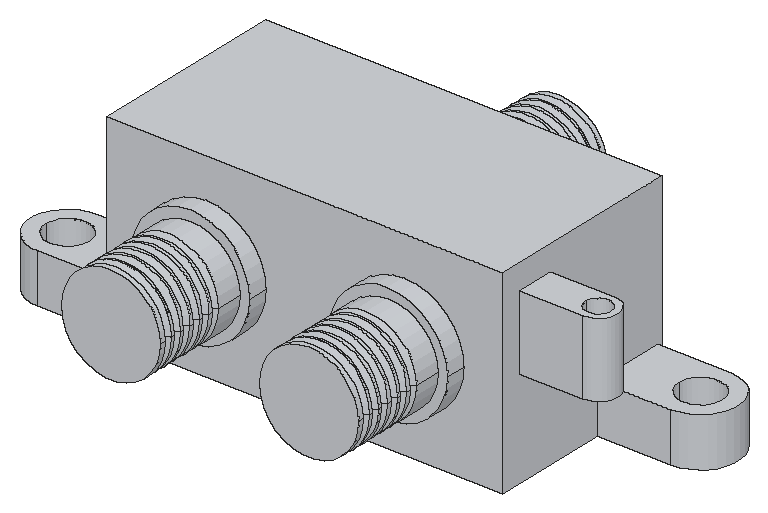
Revit family "Repetidor 204 ", category Aparatos eléctricos, Revit 2019 (continued)
Lines and regions (mm)
  model lines, detail levels fine
    curve 418: line (-48.737, 2.049, 0) -> (-48.162, 2.049, 0)
    curve 419: arc (-48.162, 2.049, 0) -> (-47.777, 1.684, 0) -> (-48.141, 1.299, 0) r 0.375
    curve 420: line (-48.141, 1.299, 0) -> (-48.608, 1.299, 0)
    curve 421: arc (-48.608, 1.299, 0) -> (-48.727, 1.18, 0) -> (-48.608, 1.061, 0) r 0.119
    curve 422: line (-48.608, 1.061, 0) -> (-47.843, 1.061, 0)
    curve 423: line (-46.521, 0.786, 0) -> (-47.284, 0.786, 0)
    curve 424: arc (-47.284, 0.786, 0) -> (-47.554, 0.866, 0) -> (-47.652, 1.129, 0) r 0.316
    curve 425: line (-47.652, 1.129, 0) -> (-47.652, 2.365, 0)
    curve 426: line (-47.652, 2.365, 0) -> (-47.371, 2.365, 0)
    curve 427: line (-47.371, 2.365, 0) -> (-47.371, 1.253, 0)
    curve 428: spline (-48.053, 1.638, 0) -> (-48.065, 1.678, 0) -> (-48.099, 1.715, 0) -> (-48.154, 1.746, 0) -> (-48.226, 1.771, 0) -> (-48.309, 1.786, 0) -> (-48.398, 1.791, 0) -> (-48.488, 1.786, 0) -> (-48.571, 1.771, 0) -> (-48.642, 1.746, 0) -> (-48.697, 1.715, 0) -> (-48.732, 1.678, 0) -> (-48.744, 1.638, 0) -> (-48.732, 1.599, 0) -> (-48.697, 1.562, 0) -> (-48.642, 1.53, 0) -> (-48.571, 1.506, 0) -> (-48.488, 1.49, 0) -> (-48.398, 1.485, 0) -> (-48.309, 1.49, 0) -> (-48.226, 1.506, 0) -> (-48.154, 1.53, 0) -> (-48.099, 1.562, 0) -> (-48.065, 1.599, 0) -> (-48.053, 1.638, 0)
    curve 429: line (-47.843, 1.061, 0) -> (-47.843, 0.786, 0)
    curve 430: line (-46.521, 1.089, 0) -> (-47.202, 1.089, 0)
    curve 431: arc (-47.202, 1.089, 0) -> (-47.32, 1.137, 0) -> (-47.371, 1.253, 0) r 0.17
    curve 432: line (-46.521, 0.786, 0) -> (-46.521, 1.089, 0)
    curve 467: circle (-1.109, -7.819, 0) r 0.8 normal (0, 0, 1)
    curve 468: line (1.065, -7.197, 0) -> (1.065, -7.931, 0)
    curve 469: arc (1.065, -7.931, 0) -> (0.404, -8.576, 0) -> (-0.224, -7.899, 0) r 0.645
    curve 470: line (-0.224, -7.899, 0) -> (-0.224, -7.177, 0)
    curve 476: line (1.502, -11.037, 0) -> (1.502, -9.488, 0)
    curve 477: line (1.502, -9.488, 0) -> (-1.536, -9.488, 0)
    curve 478: line (-1.536, -9.488, 0) -> (-1.536, -11.027, 0)
    curve 479: line (-1.848, -11.027, 0) -> (-1.848, -9.209, 0)
    curve 480: line (-1.848, -9.209, 0) -> (1.813, -9.209, 0)
    curve 481: line (1.813, -9.209, 0) -> (1.813, -11.027, 0)
    curve 482: line (-0.006, -7.905, 0) -> (-0.006, -7.177, 0)
    curve 483: line (0.848, -7.197, 0) -> (0.848, -7.931, 0)
    curve 484: arc (0.848, -7.931, 0) -> (0.407, -8.359, 0) -> (-0.006, -7.905, 0) r 0.427
    curve 485: arc (1.065, -7.197, 0) -> (0.956, -7.088, 0) -> (0.848, -7.197, 0) r 0.109
    curve 486: arc (-0.224, -7.177, 0) -> (-0.115, -7.068, 0) -> (-0.006, -7.177, 0) r 0.109
    curve 487: circle (-1.109, -7.819, 0) r 0.583 normal (0, 0, 1)
    curve 491: arc (1.813, -11.027, 0) -> (1.662, -11.193, 0) -> (1.502, -11.037, 0) r 0.156
    curve 492: arc (-1.536, -11.027, 0) -> (-1.692, -11.184, 0) -> (-1.848, -11.027, 0) r 0.156
    curve 493: line (0.128, -9.706, 0) -> (0.128, -10.87, 0)
    curve 494: line (-0.6, -10.87, 0) -> (-0.006, -11.464, 0)
    curve 495: line (-0.006, -11.464, 0) -> (0.588, -10.869, 0)
    curve 496: line (-0.6, -10.87, 0) -> (0.128, -10.87, 0)
    curve 497: line (-0.006, -11.617, 0) -> (0.665, -10.946, 0)
    curve 498: line (-0.862, -10.761, 0) -> (-0.006, -11.617, 0)
    curve 499: line (-0.862, -10.761, 0) -> (0.015, -10.761, 0)
    curve 500: line (0.015, -9.706, 0) -> (0.015, -10.761, 0)
    curve 501: arc (0.128, -9.706, 0) -> (0.071, -9.65, 0) -> (0.015, -9.706, 0) r 0.056
    curve 502: arc (0.588, -10.869, 0) -> (0.665, -10.869, 0) -> (0.665, -10.946, 0) r 0.054
    curve 516: line (-13.18, 1.905, 0) -> (-14.448, 1.905, 0)
    curve 517: arc (-14.448, 1.905, 0) -> (-14.743, 2.2, 0) -> (-14.448, 2.495, 0) r 0.295
    curve 518: line (-14.448, 2.495, 0) -> (-13.18, 2.495, 0)
    curve 519: arc (-13.18, 2.495, 0) -> (-12.916, 2.759, 0) -> (-13.18, 3.022, 0) r 0.263
    curve 520: line (-13.18, 3.022, 0) -> (-14.532, 3.022, 0)
    curve 521: arc (-14.532, 3.022, 0) -> (-15.278, 2.424, 0) -> (-14.68, 1.677, 0) r 0.677
    curve 522: arc (-14.68, 1.677, 0) -> (-15.296, 0.902, 0) -> (-14.52, 0.286, 0) r 0.7
    curve 523: line (-14.52, 0.286, 0) -> (-13.18, 0.286, 0)
    curve 524: arc (-13.18, 0.286, 0) -> (-12.913, 0.552, 0) -> (-13.18, 0.818, 0) r 0.266
    curve 525: line (-13.18, 0.818, 0) -> (-14.448, 0.818, 0)
    curve 526: arc (-14.448, 0.818, 0) -> (-14.752, 1.122, 0) -> (-14.448, 1.426, 0) r 0.304
    curve 527: line (-14.448, 1.426, 0) -> (-13.18, 1.426, 0)
    curve 528: arc (-13.18, 1.426, 0) -> (-12.94, 1.665, 0) -> (-13.18, 1.905, 0) r 0.239
    curve 529: line (-16.12, 0.286, 0) -> (-16.874, 0.286, 0)
    curve 530: line (-16.874, 0.286, 0) -> (-17.485, 1.277, 0)
    curve 531: line (-17.485, 1.277, 0) -> (-18.251, 1.271, 0)
    curve 532: line (-18.251, 1.271, 0) -> (-18.251, 0.286, 0)
    curve 533: line (-18.251, 0.286, 0) -> (-18.782, 0.286, 0)
    curve 534: line (-18.782, 0.286, 0) -> (-18.782, 1.811, 0)
    curve 535: line (-18.782, 1.811, 0) -> (-17.186, 1.811, 0)
    curve 536: arc (-17.186, 1.811, 0) -> (-16.858, 2.14, 0) -> (-17.186, 2.468, 0) r 0.329
    curve 537: line (-17.186, 2.468, 0) -> (-18.782, 2.468, 0)
    curve 538: line (-18.782, 2.468, 0) -> (-18.782, 3.022, 0)
    curve 539: line (-18.782, 3.022, 0) -> (-17.12, 3.022, 0)
    curve 540: arc (-17.12, 3.022, 0) -> (-16.267, 2.251, 0) -> (-16.947, 1.325, 0) r 0.857
    curve 541: line (-16.947, 1.325, 0) -> (-16.12, 0.286, 0)
    curve 542: line (-11.817, 1.334, 0) -> (-11.817, 0.286, 0)
    curve 543: line (-11.817, 0.286, 0) -> (-12.406, 0.286, 0)
    curve 544: line (-12.406, 0.286, 0) -> (-12.406, 1.454, 0)
    curve 545: arc (-12.406, 1.454, 0) -> (-12.284, 1.745, 0) -> (-11.99, 1.862, 0) r 0.408
    curve 546: line (-11.99, 1.862, 0) -> (-10.741, 1.862, 0)
    curve 547: arc (-10.741, 1.862, 0) -> (-10.442, 2.161, 0) -> (-10.741, 2.46, 0) r 0.299
    curve 548: line (-10.741, 2.46, 0) -> (-12.406, 2.453, 0)
    curve 549: line (-12.406, 2.453, 0) -> (-12.406, 3.022, 0)
    curve 550: line (-12.406, 3.022, 0) -> (-10.795, 3.022, 0)
    curve 551: arc (-10.795, 3.022, 0) -> (-9.951, 2.178, 0) -> (-10.795, 1.334, 0) r 0.844
    curve 552: line (-10.795, 1.334, 0) -> (-11.817, 1.334, 0)
    curve 553: line (-13.18, 1.905, 20) -> (-14.448, 1.905, 20)
    curve 554: arc (-14.448, 1.905, 20) -> (-14.743, 2.2, 20) -> (-14.448, 2.495, 20) r 0.295
    curve 555: line (-14.448, 2.495, 20) -> (-13.18, 2.495, 20)
    curve 556: arc (-13.18, 2.495, 20) -> (-12.916, 2.759, 20) -> (-13.18, 3.022, 20) r 0.263
    curve 557: line (-13.18, 3.022, 20) -> (-14.532, 3.022, 20)
    curve 558: arc (-14.532, 3.022, 20) -> (-15.278, 2.424, 20) -> (-14.68, 1.677, 20) r 0.677
    curve 559: arc (-14.68, 1.677, 20) -> (-15.296, 0.902, 20) -> (-14.52, 0.286, 20) r 0.7
    curve 560: line (-14.52, 0.286, 20) -> (-13.18, 0.286, 20)
    curve 561: arc (-13.18, 0.286, 20) -> (-12.913, 0.552, 20) -> (-13.18, 0.818, 20) r 0.266
    curve 562: line (-13.18, 0.818, 20) -> (-14.448, 0.818, 20)
    curve 563: arc (-14.448, 0.818, 20) -> (-14.752, 1.122, 20) -> (-14.448, 1.426, 20) r 0.304
    curve 564: line (-14.448, 1.426, 20) -> (-13.18, 1.426, 20)
    curve 565: arc (-13.18, 1.426, 20) -> (-12.94, 1.665, 20) -> (-13.18, 1.905, 20) r 0.239
    curve 566: line (-16.12, 0.286, 20) -> (-16.874, 0.286, 20)
    curve 567: line (-16.874, 0.286, 20) -> (-17.485, 1.277, 20)
    curve 568: line (-17.485, 1.277, 20) -> (-18.251, 1.271, 20)
    curve 569: line (-18.251, 1.271, 20) -> (-18.251, 0.286, 20)
    curve 570: line (-18.251, 0.286, 20) -> (-18.782, 0.286, 20)
    curve 571: line (-18.782, 0.286, 20) -> (-18.782, 1.811, 20)
    curve 572: line (-18.782, 1.811, 20) -> (-17.186, 1.811, 20)
    curve 573: arc (-17.186, 1.811, 20) -> (-16.858, 2.14, 20) -> (-17.186, 2.468, 20) r 0.329
    curve 574: line (-17.186, 2.468, 20) -> (-18.782, 2.468, 20)
    curve 575: line (-18.782, 2.468, 20) -> (-18.782, 3.022, 20)
    curve 576: line (-18.782, 3.022, 20) -> (-17.12, 3.022, 20)
    curve 577: arc (-17.12, 3.022, 20) -> (-16.267, 2.251, 20) -> (-16.947, 1.325, 20) r 0.857
    curve 578: line (-16.947, 1.325, 20) -> (-16.12, 0.286, 20)
    curve 579: line (-11.817, 1.334, 20) -> (-11.817, 0.286, 20)
    curve 580: line (-11.817, 0.286, 20) -> (-12.406, 0.286, 20)
    curve 581: line (-12.406, 0.286, 20) -> (-12.406, 1.454, 20)
    curve 582: arc (-12.406, 1.454, 20) -> (-12.284, 1.745, 20) -> (-11.99, 1.862, 20) r 0.408
    curve 583: line (-11.99, 1.862, 20) -> (-10.741, 1.862, 20)
    curve 584: arc (-10.741, 1.862, 20) -> (-10.442, 2.161, 20) -> (-10.741, 2.46, 20) r 0.299
    curve 585: line (-10.741, 2.46, 20) -> (-12.406, 2.453, 20)
    curve 586: line (-12.406, 2.453, 20) -> (-12.406, 3.022, 20)
    curve 587: line (-12.406, 3.022, 20) -> (-10.795, 3.022, 20)
    curve 588: arc (-10.795, 3.022, 20) -> (-9.951, 2.178, 20) -> (-10.795, 1.334, 20) r 0.844
    curve 589: line (-10.795, 1.334, 20) -> (-11.817, 1.334, 20)
    curve 590: line (2.724, 0.973, 0) -> (1.756, 0.973, 0)
    curve 591: arc (1.756, 0.973, 0) -> (1.374, 1.173, 0) -> (1.321, 1.601, 0) r 0.465
    curve 592: line (1.321, 1.601, 0) -> (2.234, 2.826, 0)
    curve 593: arc (2.234, 2.826, 0) -> (2.809, 3.004, 0) -> (3.187, 2.536, 0) r 0.536
    curve 594: line (3.187, 2.536, 0) -> (3.196, 0.523, 0)
    curve 595: arc (3.196, 0.523, 0) -> (2.96, 0.286, 0) -> (2.724, 0.523, 0) r 0.236
    curve 596: line (1.808, 1.42, 0) -> (2.653, 1.42, 0)
    curve 597: line (2.653, 1.42, 0) -> (2.653, 2.425, 0)
    curve 598: line (2.653, 2.425, 0) -> (1.808, 1.42, 0)
    curve 599: spline (-0.256, 1.008, 0) -> (-0.102, 1.03, 0) -> (0.042, 1.095, 0) -> (0.166, 1.197, 0) -> (0.261, 1.331, 0) -> (0.32, 1.486, 0) -> (0.341, 1.653, 0) -> (0.32, 1.82, 0) -> (0.261, 1.976, 0) -> (0.166, 2.11, 0) -> (0.042, 2.212, 0) -> (-0.102, 2.277, 0) -> (-0.256, 2.299, 0) -> (-0.411, 2.277, 0) -> (-0.555, 2.212, 0) -> (-0.678, 2.11, 0) -> (-0.773, 1.976, 0) -> (-0.833, 1.82, 0) -> (-0.853, 1.653, 0) -> (-0.833, 1.486, 0) -> (-0.773, 1.331, 0) -> (-0.678, 1.197, 0) -> (-0.555, 1.095, 0) -> (-0.411, 1.03, 0) -> (-0.256, 1.008, 0)
    curve 600: spline (-0.266, 0.286, 0) -> (0.051, 0.33, 0) -> (0.348, 0.465, 0) -> (0.603, 0.68, 0) -> (0.799, 0.962, 0) -> (0.924, 1.291, 0) -> (0.968, 1.645, 0) -> (0.929, 1.999, 0) -> (0.809, 2.33, 0) -> (0.616, 2.614, 0) -> (0.364, 2.833, 0) -> (0.07, 2.972, 0) -> (-0.247, 3.021, 0) -> (-0.564, 2.976, 0) -> (-0.86, 2.842, 0) -> (-1.115, 2.626, 0) -> (-1.312, 2.345, 0) -> (-1.436, 2.016, 0) -> (-1.481, 1.662, 0) -> (-1.441, 1.308, 0) -> (-1.321, 0.977, 0) -> (-1.129, 0.693, 0) -> (-0.877, 0.473, 0) -> (-0.582, 0.335, 0) -> (-0.266, 0.286, 0)
    curve 601: line (2.724, 0.523, 0) -> (2.724, 0.973, 0)
    curve 602: line (-1.498, 0.973, 20) -> (-2.466, 0.973, 20)
    curve 603: arc (-2.466, 0.973, 20) -> (-2.848, 1.173, 20) -> (-2.9, 1.601, 20) r 0.465
    curve 604: line (-2.9, 1.601, 20) -> (-1.987, 2.826, 20)
    curve 605: arc (-1.987, 2.826, 20) -> (-1.413, 3.004, 20) -> (-1.035, 2.536, 20) r 0.536
    curve 606: line (-1.035, 2.536, 20) -> (-1.026, 0.523, 20)
    curve 607: arc (-1.026, 0.523, 20) -> (-1.262, 0.286, 20) -> (-1.498, 0.523, 20) r 0.236
    curve 608: line (-2.414, 1.42, 20) -> (-1.569, 1.42, 20)
    curve 609: line (-1.569, 1.42, 20) -> (-1.569, 2.425, 20)
    curve 610: line (-1.569, 2.425, 20) -> (-2.414, 1.42, 20)
    curve 611: spline (-4.478, 1.008, 20) -> (-4.323, 1.03, 20) -> (-4.179, 1.095, 20) -> (-4.056, 1.197, 20) -> (-3.961, 1.331, 20) -> (-3.901, 1.486, 20) -> (-3.881, 1.653, 20) -> (-3.901, 1.82, 20) -> (-3.961, 1.976, 20) -> (-4.056, 2.11, 20) -> (-4.179, 2.212, 20) -> (-4.323, 2.277, 20) -> (-4.478, 2.299, 20) -> (-4.632, 2.277, 20) -> (-4.776, 2.212, 20) -> (-4.9, 2.11, 20) -> (-4.995, 1.976, 20) -> (-5.054, 1.82, 20) -> (-5.075, 1.653, 20) -> (-5.054, 1.486, 20) -> (-4.995, 1.331, 20) -> (-4.9, 1.197, 20) -> (-4.776, 1.095, 20) -> (-4.632, 1.03, 20) -> (-4.478, 1.008, 20)
    curve 612: spline (-4.487, 0.286, 20) -> (-4.17, 0.33, 20) -> (-3.874, 0.465, 20) -> (-3.619, 0.68, 20) -> (-3.422, 0.962, 20) -> (-3.298, 1.291, 20) -> (-3.253, 1.645, 20) -> (-3.293, 1.999, 20) -> (-3.413, 2.33, 20) -> (-3.605, 2.614, 20) -> (-3.857, 2.833, 20) -> (-4.152, 2.972, 20) -> (-4.468, 3.021, 20) -> (-4.785, 2.976, 20) -> (-5.082, 2.842, 20) -> (-5.337, 2.626, 20) -> (-5.533, 2.345, 20) -> (-5.658, 2.016, 20) -> (-5.702, 1.662, 20) -> (-5.663, 1.308, 20) -> (-5.543, 0.977, 20) -> (-5.35, 0.693, 20) -> (-5.098, 0.473, 20) -> (-4.804, 0.335, 20) -> (-4.487, 0.286, 20)
    curve 613: line (-1.498, 0.523, 20) -> (-1.498, 0.973, 20)
    curve 751: circle (9.551, -5.38, 20) r 0.8 normal (0, 0, 1)
    curve 752: line (11.726, -4.758, 20) -> (11.726, -5.492, 20)
    curve 753: arc (11.726, -5.492, 20) -> (11.065, -6.137, 20) -> (10.437, -5.461, 20) r 0.645
    curve 754: line (10.437, -5.461, 20) -> (10.437, -4.738, 20)
    curve 760: line (12.162, -8.598, 20) -> (12.162, -7.049, 20)
    curve 761: line (12.162, -7.049, 20) -> (9.125, -7.049, 20)
    curve 762: line (9.125, -7.049, 20) -> (9.125, -8.589, 20)
    curve 763: line (8.812, -8.589, 20) -> (8.812, -6.77, 20)
    curve 764: line (8.812, -6.77, 20) -> (12.473, -6.77, 20)
    curve 765: line (12.473, -6.77, 20) -> (12.473, -8.589, 20)
    curve 766: line (10.654, -5.466, 20) -> (10.654, -4.738, 20)
    curve 767: line (11.508, -4.758, 20) -> (11.508, -5.492, 20)
    curve 768: arc (11.508, -5.492, 20) -> (11.068, -5.92, 20) -> (10.654, -5.466, 20) r 0.427
    curve 769: arc (11.726, -4.758, 20) -> (11.617, -4.649, 20) -> (11.508, -4.758, 20) r 0.109
    curve 770: arc (10.437, -4.738, 20) -> (10.546, -4.629, 20) -> (10.654, -4.738, 20) r 0.109
    curve 771: circle (9.551, -5.38, 20) r 0.583 normal (0, 0, 1)
    curve 775: arc (12.473, -8.589, 20) -> (12.323, -8.754, 20) -> (12.162, -8.598, 20) r 0.156
    curve 776: arc (9.125, -8.589, 20) -> (8.968, -8.745, 20) -> (8.812, -8.589, 20) r 0.156
    curve 777: line (10.788, -7.267, 20) -> (10.788, -8.431, 20)
    curve 778: line (10.06, -8.431, 20) -> (10.654, -9.025, 20)
    curve 779: line (10.654, -9.025, 20) -> (11.248, -8.43, 20)
    curve 780: line (10.06, -8.431, 20) -> (10.788, -8.431, 20)
    curve 781: line (10.654, -9.178, 20) -> (11.325, -8.507, 20)
    curve 782: line (9.798, -8.322, 20) -> (10.654, -9.178, 20)
    curve 783: line (9.798, -8.322, 20) -> (10.675, -8.322, 20)
    curve 784: line (10.675, -7.267, 20) -> (10.675, -8.322, 20)
    curve 785: arc (10.788, -7.267, 20) -> (10.732, -7.211, 20) -> (10.675, -7.267, 20) r 0.056
    curve 786: arc (11.248, -8.43, 20) -> (11.325, -8.43, 20) -> (11.325, -8.507, 20) r 0.054
  model lines, detail levels medium+fine
    curve 46: line (-0.405, 5.717, 20) -> (0.017, 4.747, 20)
    curve 47: arc (0.017, 4.747, 20) -> (0.414, 4.554, 20) -> (0.668, 4.914, 20) r 0.34
    curve 48: line (0.668, 4.914, 20) -> (0.696, 5.975, 20)
    curve 49: arc (0.696, 5.975, 20) -> (0.537, 6.135, 20) -> (0.385, 5.968, 20) r 0.156
    curve 50: line (0.385, 5.968, 20) -> (0.385, 5.083, 20)
    curve 51: line (-1.095, 6.08, 20) -> (-1.095, 4.66, 20)
    curve 52: line (0.204, 5.083, 20) -> (-0.193, 5.938, 20)
    curve 53: arc (-0.193, 5.938, 20) -> (-0.537, 6.147, 20) -> (-0.861, 5.909, 20) r 0.362
    curve 54: line (-0.861, 5.909, 20) -> (-0.861, 4.66, 20)
    curve 55: line (-1.898, 8.235, 20) -> (-1.898, 6.667, 20)
    curve 56: line (-1.898, 6.667, 20) -> (1.211, 6.667, 20)
    curve 57: line (1.211, 6.667, 20) -> (1.211, 8.226, 20)
    curve 58: line (-0.238, 8.861, 20) -> (-0.238, 7.959, 20)
    curve 59: line (-0.973, 7.959, 20) -> (-0.372, 7.358, 20)
    curve 60: line (-0.372, 7.358, 20) -> (0.23, 7.96, 20)
    curve 61: line (-0.564, 5.712, 20) -> (-0.564, 4.66, 20)
    curve 62: arc (-0.861, 4.66, 20) -> (-0.713, 4.512, 20) -> (-0.564, 4.66, 20) r 0.148
    curve 63: arc (-0.405, 5.717, 20) -> (-0.487, 5.792, 20) -> (-0.564, 5.712, 20) r 0.08
    curve 64: arc (0.385, 5.083, 20) -> (0.295, 5.025, 20) -> (0.204, 5.083, 20) r 0.099
    curve 65: line (-1.392, 6.08, 20) -> (-1.392, 4.66, 20)
    curve 66: line (-2.118, 8.235, 20) -> (-2.118, 6.448, 20)
    curve 67: line (-2.118, 6.448, 20) -> (1.43, 6.448, 20)
    curve 68: line (1.43, 6.448, 20) -> (1.43, 8.226, 20)
    curve 69: arc (-1.898, 8.235, 20) -> (-2.008, 8.345, 20) -> (-2.118, 8.235, 20) r 0.11
    curve 70: arc (1.211, 8.226, 20) -> (1.32, 8.336, 20) -> (1.43, 8.226, 20) r 0.11
    curve 71: line (-0.973, 7.959, 20) -> (-0.238, 7.959, 20)
    curve 72: line (-0.372, 7.203, 20) -> (0.308, 7.882, 20)
    curve 73: line (-1.239, 8.069, 20) -> (-0.372, 7.203, 20)
    curve 74: line (-1.239, 8.069, 20) -> (-0.348, 8.069, 20)
    curve 75: line (-0.348, 8.861, 20) -> (-0.348, 8.069, 20)
    curve 76: arc (-0.238, 8.861, 20) -> (-0.293, 8.916, 20) -> (-0.348, 8.861, 20) r 0.055
    curve 77: arc (0.23, 7.96, 20) -> (0.308, 7.96, 20) -> (0.308, 7.882, 20) r 0.055
    curve 78: arc (-1.392, 4.66, 20) -> (-1.244, 4.512, 20) -> (-1.095, 4.66, 20) r 0.148
    curve 79: arc (-1.095, 6.08, 20) -> (-1.244, 6.228, 20) -> (-1.392, 6.08, 20) r 0.148
    curve 433: line (-0.405, 7.071, 0) -> (0.017, 6.1, 0)
    curve 434: arc (0.017, 6.1, 0) -> (0.414, 5.907, 0) -> (0.668, 6.267, 0) r 0.34
    curve 435: line (0.668, 6.267, 0) -> (0.696, 7.328, 0)
    curve 436: arc (0.696, 7.328, 0) -> (0.537, 7.488, 0) -> (0.385, 7.322, 0) r 0.156
    curve 437: line (0.385, 7.322, 0) -> (0.385, 6.436, 0)
    curve 438: line (-1.095, 7.433, 0) -> (-1.095, 6.014, 0)
    curve 439: line (0.204, 6.436, 0) -> (-0.193, 7.291, 0)
    curve 440: arc (-0.193, 7.291, 0) -> (-0.537, 7.5, 0) -> (-0.861, 7.262, 0) r 0.362
    curve 441: line (-0.861, 7.262, 0) -> (-0.861, 6.014, 0)
    curve 442: line (-1.898, 9.589, 0) -> (-1.898, 8.021, 0)
    curve 443: line (-1.898, 8.021, 0) -> (1.211, 8.021, 0)
    curve 444: line (1.211, 8.021, 0) -> (1.211, 9.579, 0)
    curve 445: line (-0.238, 10.214, 0) -> (-0.238, 9.313, 0)
    curve 446: line (-0.973, 9.313, 0) -> (-0.372, 8.711, 0)
    curve 447: line (-0.372, 8.711, 0) -> (0.23, 9.313, 0)
    curve 448: line (-0.564, 7.065, 0) -> (-0.564, 6.014, 0)
    curve 449: arc (-0.861, 6.014, 0) -> (-0.713, 5.865, 0) -> (-0.564, 6.014, 0) r 0.148
    curve 450: arc (-0.405, 7.071, 0) -> (-0.487, 7.145, 0) -> (-0.564, 7.065, 0) r 0.08
    curve 451: arc (0.385, 6.436, 0) -> (0.295, 6.378, 0) -> (0.204, 6.436, 0) r 0.099
    curve 452: line (-1.392, 7.433, 0) -> (-1.392, 6.014, 0)
    curve 453: line (-2.118, 9.589, 0) -> (-2.118, 7.801, 0)
    curve 454: line (-2.118, 7.801, 0) -> (1.43, 7.801, 0)
    curve 455: line (1.43, 7.801, 0) -> (1.43, 9.579, 0)
    curve 456: arc (-1.898, 9.589, 0) -> (-2.008, 9.699, 0) -> (-2.118, 9.589, 0) r 0.11
    curve 457: arc (1.211, 9.579, 0) -> (1.32, 9.689, 0) -> (1.43, 9.579, 0) r 0.11
    curve 458: line (-0.973, 9.313, 0) -> (-0.238, 9.313, 0)
    curve 459: line (-0.372, 8.556, 0) -> (0.308, 9.235, 0)
    curve 460: line (-1.239, 9.423, 0) -> (-0.372, 8.556, 0)
    curve 461: line (-1.239, 9.423, 0) -> (-0.348, 9.423, 0)
    curve 462: line (-0.348, 10.214, 0) -> (-0.348, 9.423, 0)
    curve 463: arc (-0.238, 10.214, 0) -> (-0.293, 10.269, 0) -> (-0.348, 10.214, 0) r 0.055
    curve 464: arc (0.23, 9.313, 0) -> (0.308, 9.313, 0) -> (0.308, 9.235, 0) r 0.055
    curve 465: arc (-1.392, 6.014, 0) -> (-1.244, 5.865, 0) -> (-1.095, 6.014, 0) r 0.148
    curve 466: arc (-1.095, 7.433, 0) -> (-1.244, 7.581, 0) -> (-1.392, 7.433, 0) r 0.148
  model lines, visible <- "Visibilidad 426", detail levels fine
    curve 503: line (-8.665, 0.286, 20) -> (-6.468, 0.286, 20)
    curve 504: arc (-6.468, 0.286, 20) -> (-6.173, 0.58, 20) -> (-6.468, 0.875, 20) r 0.294
    curve 505: line (-6.468, 0.875, 20) -> (-7.985, 0.875, 20)
    curve 506: arc (-7.985, 0.875, 20) -> (-8.188, 1.078, 20) -> (-7.985, 1.281, 20) r 0.203
    curve 507: line (-7.985, 1.281, 20) -> (-6.861, 1.414, 20)
    curve 508: arc (-6.861, 1.414, 20) -> (-6.142, 2.214, 20) -> (-6.852, 3.022, 20) r 0.809
    curve 509: line (-6.852, 3.022, 20) -> (-8.457, 3.022, 20)
    curve 510: arc (-8.457, 3.022, 20) -> (-8.743, 2.735, 20) -> (-8.457, 2.449, 20) r 0.286
    curve 511: line (-8.457, 2.449, 20) -> (-7, 2.449, 20)
    curve 512: arc (-7, 2.449, 20) -> (-6.758, 2.208, 20) -> (-7, 1.966, 20) r 0.241
    curve 513: line (-7, 1.966, 20) -> (-8.14, 1.825, 20)
    curve 514: arc (-8.14, 1.825, 20) -> (-8.514, 1.628, 20) -> (-8.665, 1.234, 20) r 0.598
    curve 515: line (-8.665, 1.234, 20) -> (-8.665, 0.286, 20)
    curve 614: line (-4.443, 0.286, 0) -> (-2.246, 0.286, 0)
    curve 615: arc (-2.246, 0.286, 0) -> (-1.952, 0.58, 0) -> (-2.246, 0.875, 0) r 0.294
    curve 616: line (-2.246, 0.875, 0) -> (-3.764, 0.875, 0)
    curve 617: arc (-3.764, 0.875, 0) -> (-3.967, 1.078, 0) -> (-3.764, 1.281, 0) r 0.203
    curve 618: line (-3.764, 1.281, 0) -> (-2.64, 1.414, 0)
    curve 619: arc (-2.64, 1.414, 0) -> (-1.921, 2.214, 0) -> (-2.63, 3.022, 0) r 0.809
    curve 620: line (-2.63, 3.022, 0) -> (-4.235, 3.022, 0)
    curve 621: arc (-4.235, 3.022, 0) -> (-4.522, 2.735, 0) -> (-4.235, 2.449, 0) r 0.286
    curve 622: line (-4.235, 2.449, 0) -> (-2.778, 2.449, 0)
    curve 623: arc (-2.778, 2.449, 0) -> (-2.537, 2.208, 0) -> (-2.778, 1.966, 0) r 0.241
    curve 624: line (-2.778, 1.966, 0) -> (-3.919, 1.825, 0)
    curve 625: arc (-3.919, 1.825, 0) -> (-4.293, 1.628, 0) -> (-4.443, 1.234, 0) r 0.598
    curve 626: line (-4.443, 1.234, 0) -> (-4.443, 0.286, 0)
  model lines, visible <- "Visibilidad 426", detail levels medium
    curve 627: line (1.032, -1.962, 20) -> (4.365, -1.962, 20)
    curve 628: arc (4.365, -1.962, 20) -> (4.812, -1.515, 20) -> (4.365, -1.068, 20) r 0.447
    curve 629: line (4.365, -1.068, 20) -> (2.063, -1.068, 20)
    curve 630: arc (2.063, -1.068, 20) -> (1.755, -0.76, 20) -> (2.063, -0.452, 20) r 0.308
    curve 631: line (2.063, -0.452, 20) -> (3.768, -0.25, 20)
    curve 632: arc (3.768, -0.25, 20) -> (4.859, 0.963, 20) -> (3.783, 2.189, 20) r 1.228
    curve 633: line (3.783, 2.189, 20) -> (1.348, 2.189, 20)
    curve 634: arc (1.348, 2.189, 20) -> (0.913, 1.754, 20) -> (1.348, 1.32, 20) r 0.435
    curve 635: line (1.348, 1.32, 20) -> (3.558, 1.32, 20)
    curve 636: arc (3.558, 1.32, 20) -> (3.924, 0.954, 20) -> (3.558, 0.588, 20) r 0.366
    curve 637: line (3.558, 0.588, 20) -> (1.828, 0.373, 20)
    curve 638: arc (1.828, 0.373, 20) -> (1.261, 0.075, 20) -> (1.032, -0.523, 20) r 0.907
    curve 639: line (1.032, -0.523, 20) -> (1.032, -1.962, 20)
    curve 701: line (0.787, 0.286, 0) -> (4.12, 0.286, 0)
    curve 702: arc (4.12, 0.286, 0) -> (4.567, 0.733, 0) -> (4.12, 1.179, 0) r 0.447
    curve 703: line (4.12, 1.179, 0) -> (1.819, 1.179, 0)
    curve 704: arc (1.819, 1.179, 0) -> (1.51, 1.488, 0) -> (1.819, 1.796, 0) r 0.308
    curve 705: line (1.819, 1.796, 0) -> (3.524, 1.998, 0)
    curve 706: arc (3.524, 1.998, 0) -> (4.614, 3.211, 0) -> (3.538, 4.436, 0) r 1.228
    curve 707: line (3.538, 4.436, 0) -> (1.103, 4.436, 0)
    curve 708: arc (1.103, 4.436, 0) -> (0.669, 4.002, 0) -> (1.103, 3.567, 0) r 0.435
    curve 709: line (1.103, 3.567, 0) -> (3.313, 3.567, 0)
    curve 710: arc (3.313, 3.567, 0) -> (3.679, 3.201, 0) -> (3.313, 2.835, 0) r 0.366
    curve 711: line (3.313, 2.835, 0) -> (1.583, 2.621, 0)
    curve 712: arc (1.583, 2.621, 0) -> (1.016, 2.323, 0) -> (0.787, 1.724, 0) r 0.907
    curve 713: line (0.787, 1.724, 0) -> (0.787, 0.286, 0)
Dimensions and locks
  "Largo": plane 4 "Centro I/E" to plane 5 "Centro I/F"
  equal spacing: plane 7 "Centro I/H", plane 1 "Centro (Frontal/Posterior)", plane 6 "Centro I/G"
  "Altura": plane 7 "Centro I/H" to plane 6 "Centro I/G"
  equal spacing: plane 4 "Centro I/E", plane 3 "Centro (Izquierda/Derecha)", plane 5 "Centro I/F"
  "Conector": plane 8 "Centro I/K" to plane 7 "Centro I/H"
  group 2 to group 3 = 20.00 mm
  group 3 to group 2 = 0.00 mm
  group 2 to group 3 = 0.00 mm
  locked: plane 4 "Centro I/E" to Extrusion 5 at 4
  locked: Extrusion 7 to plane 5 "Centro I/F" at 4
  "Conector": Extrusion 14 to Extrusion 1
  "Conector": Extrusion 1 to Extrusion 10
  "Conector": Extrusion 1 to Extrusion 11
  "Conector": Extrusion 42 to Extrusion 1
  locked: plane 8 "Centro I/K" to Extrusion 14 at 0.628
  locked: plane 8 "Centro I/K" to Extrusion 10 at 1.956
  locked: Extrusion 11 to plane 6 "Centro I/G" at 0.628
  "Conector": Extrusion 7 to Extrusion 1
  aligned and locked: level to plane 2
  aligned and locked: Extrusion 5 to plane 8 "Centro I/K"
Automatic sketch dimensions
  Extrusion 10 sketch curve to Extrusion 10 sketch curve = 0.00 mm  (x4)
  Extrusion 10 sketch curve to Extrusion 10 sketch curve = 6.519 mm
  Extrusion 10 sketch curve to Extrusion 10 sketch curve = 1.956 mm
  Extrusion 11 sketch curve to Extrusion 11 sketch curve = 0.00 mm  (x4)
  Extrusion 11 sketch curve to Extrusion 11 sketch curve = 7.50 mm
  Extrusion 11 sketch curve to Extrusion 11 sketch curve = 3.75 mm
  Extrusion 12 sketch curve to Extrusion 12 sketch curve = 0.00 mm  (x4)
  Extrusion 12 sketch curve to Extrusion 12 sketch curve = 7.50 mm
  Extrusion 12 sketch curve to Extrusion 12 sketch curve = 3.75 mm
  Extrusion 13 sketch curve to Extrusion 13 sketch curve = 0.00 mm  (x4)
  Extrusion 13 sketch curve to Extrusion 13 sketch curve = 6.519 mm
  Extrusion 13 sketch curve to Extrusion 13 sketch curve = 1.956 mm
  Extrusion 14 sketch curve to Extrusion 14 sketch curve = 0.00 mm  (x4)
  Extrusion 14 sketch curve to Extrusion 14 sketch curve = 7.50 mm
  Extrusion 14 sketch curve to Extrusion 14 sketch curve = 3.75 mm
  Revolve 15 sketch curve to Revolve 15 sketch curve = 0.79 mm
  Revolve 15 sketch curve to Revolve 15 sketch curve = 0.456 mm
  Revolve 15 sketch curve to Revolve 15 sketch curve = 0.912 mm
  Revolve 15 sketch curve to Revolve 15 sketch curve = 5.00 mm
  Revolve 15 sketch curve to Revolve 15 sketch curve = 0.97 mm
  Revolve 15 sketch curve to Revolve 15 sketch curve = 10.574 mm
  Revolve 18 sketch curve to Revolve 18 sketch curve = 0.79 mm
  Revolve 18 sketch curve to Revolve 18 sketch curve = 0.456 mm
  Revolve 18 sketch curve to Revolve 18 sketch curve = 0.912 mm
  Revolve 18 sketch curve to Revolve 18 sketch curve = 5.00 mm
  Revolve 18 sketch curve to Revolve 18 sketch curve = 2.082 mm
  Revolve 18 sketch curve to Revolve 18 sketch curve = 9.461 mm
  Revolve 21 sketch curve to Revolve 21 sketch curve = 0.79 mm  (x2)
  Revolve 21 sketch curve to Revolve 21 sketch curve = 0.456 mm  (x2)
  Revolve 21 sketch curve to Revolve 21 sketch curve = 0.912 mm  (x2)
  Revolve 21 sketch curve to Revolve 21 sketch curve = 5.00 mm  (x2)
  Revolve 21 sketch curve to Revolve 21 sketch curve = 3.282 mm  (x2)
  Revolve 21 sketch curve to Revolve 21 sketch curve = 8.261 mm  (x2)
  Revolve 22 sketch curve to Revolve 22 sketch curve = 0.79 mm  (x2)
  Revolve 22 sketch curve to Revolve 22 sketch curve = 0.456 mm  (x2)
  Revolve 22 sketch curve to Revolve 22 sketch curve = 0.912 mm  (x2)
  Revolve 22 sketch curve to Revolve 22 sketch curve = 4.21 mm  (x2)
  Revolve 22 sketch curve to Revolve 22 sketch curve = 4.482 mm  (x2)
  Revolve 22 sketch curve to Revolve 22 sketch curve = 5.518 mm  (x2)
  Revolve 23 sketch curve to Revolve 23 sketch curve = 0.79 mm  (x2)
  Revolve 23 sketch curve to Revolve 23 sketch curve = 0.456 mm  (x2)
  Revolve 23 sketch curve to Revolve 23 sketch curve = 0.912 mm  (x2)
  Revolve 23 sketch curve to Revolve 23 sketch curve = 4.21 mm  (x2)
  Revolve 23 sketch curve to Revolve 23 sketch curve = 5.682 mm  (x2)
  Revolve 23 sketch curve to Revolve 23 sketch curve = 4.318 mm  (x2)
  Revolve 24 sketch curve to Revolve 24 sketch curve = 0.79 mm  (x2)
  Revolve 24 sketch curve to Revolve 24 sketch curve = 0.456 mm  (x2)
  Revolve 24 sketch curve to Revolve 24 sketch curve = 0.912 mm  (x2)
  Revolve 24 sketch curve to Revolve 24 sketch curve = 4.21 mm  (x2)
  Revolve 24 sketch curve to Revolve 24 sketch curve = 6.882 mm  (x2)
  Revolve 24 sketch curve to Revolve 24 sketch curve = 3.118 mm  (x2)
  Revolve 16 sketch curve to Revolve 16 sketch curve = 0.79 mm
  Revolve 16 sketch curve to Revolve 16 sketch curve = 0.456 mm
  Revolve 16 sketch curve to Revolve 16 sketch curve = 0.912 mm
  Revolve 16 sketch curve to Revolve 16 sketch curve = 5.00 mm
  Revolve 16 sketch curve to Revolve 16 sketch curve = 0.97 mm
  Revolve 16 sketch curve to Revolve 16 sketch curve = 10.574 mm
  Revolve 19 sketch curve to Revolve 19 sketch curve = 0.79 mm
  Revolve 19 sketch curve to Revolve 19 sketch curve = 0.456 mm
  Revolve 19 sketch curve to Revolve 19 sketch curve = 0.912 mm
  Revolve 19 sketch curve to Revolve 19 sketch curve = 5.00 mm
  Revolve 19 sketch curve to Revolve 19 sketch curve = 2.082 mm
  Revolve 19 sketch curve to Revolve 19 sketch curve = 9.461 mm
  Revolve 17 sketch curve to Revolve 17 sketch curve = 0.79 mm
  Revolve 17 sketch curve to Revolve 17 sketch curve = 0.456 mm
  Revolve 17 sketch curve to Revolve 17 sketch curve = 0.912 mm
  Revolve 17 sketch curve to Revolve 17 sketch curve = 5.00 mm
  Revolve 17 sketch curve to Revolve 17 sketch curve = 0.97 mm
  Revolve 17 sketch curve to Revolve 17 sketch curve = 10.574 mm
  Revolve 20 sketch curve to Revolve 20 sketch curve = 0.79 mm
  Revolve 20 sketch curve to Revolve 20 sketch curve = 0.456 mm
  Revolve 20 sketch curve to Revolve 20 sketch curve = 0.912 mm
  Revolve 20 sketch curve to Revolve 20 sketch curve = 5.00 mm
  Revolve 20 sketch curve to Revolve 20 sketch curve = 2.082 mm
  Revolve 20 sketch curve to Revolve 20 sketch curve = 9.461 mm
  Revolve 25 sketch curve to Revolve 25 sketch curve = 0.79 mm
  Revolve 25 sketch curve to Revolve 25 sketch curve = 0.456 mm
  Revolve 25 sketch curve to Revolve 25 sketch curve = 0.912 mm
  Revolve 25 sketch curve to Revolve 25 sketch curve = 5.00 mm
  Revolve 25 sketch curve to Revolve 25 sketch curve = 3.282 mm
  Revolve 25 sketch curve to Revolve 25 sketch curve = 8.261 mm
  Revolve 26 sketch curve to Revolve 26 sketch curve = 0.79 mm
  Revolve 26 sketch curve to Revolve 26 sketch curve = 0.456 mm
  Revolve 26 sketch curve to Revolve 26 sketch curve = 0.912 mm
  Revolve 26 sketch curve to Revolve 26 sketch curve = 4.21 mm
  Revolve 26 sketch curve to Revolve 26 sketch curve = 4.482 mm
  Revolve 26 sketch curve to Revolve 26 sketch curve = 5.518 mm
  Revolve 27 sketch curve to Revolve 27 sketch curve = 0.79 mm
  Revolve 27 sketch curve to Revolve 27 sketch curve = 0.456 mm
  Revolve 27 sketch curve to Revolve 27 sketch curve = 0.912 mm
  Revolve 27 sketch curve to Revolve 27 sketch curve = 4.21 mm
  Revolve 27 sketch curve to Revolve 27 sketch curve = 5.682 mm
  Revolve 27 sketch curve to Revolve 27 sketch curve = 4.318 mm
  Revolve 28 sketch curve to Revolve 28 sketch curve = 0.79 mm
  Revolve 28 sketch curve to Revolve 28 sketch curve = 0.456 mm
  Revolve 28 sketch curve to Revolve 28 sketch curve = 0.912 mm
  Revolve 28 sketch curve to Revolve 28 sketch curve = 4.21 mm
  Revolve 28 sketch curve to Revolve 28 sketch curve = 6.882 mm
  Revolve 28 sketch curve to Revolve 28 sketch curve = 3.118 mm
  Revolve 29 sketch curve to Revolve 29 sketch curve = 0.79 mm
  Revolve 29 sketch curve to Revolve 29 sketch curve = 0.456 mm
  Revolve 29 sketch curve to Revolve 29 sketch curve = 0.912 mm
  Revolve 29 sketch curve to Revolve 29 sketch curve = 5.00 mm
  Revolve 29 sketch curve to Revolve 29 sketch curve = 3.282 mm
  Revolve 29 sketch curve to Revolve 29 sketch curve = 8.261 mm
  Revolve 30 sketch curve to Revolve 30 sketch curve = 0.79 mm
  Revolve 30 sketch curve to Revolve 30 sketch curve = 0.456 mm
  Revolve 30 sketch curve to Revolve 30 sketch curve = 0.912 mm
  Revolve 30 sketch curve to Revolve 30 sketch curve = 4.21 mm
  Revolve 30 sketch curve to Revolve 30 sketch curve = 4.482 mm
  Revolve 30 sketch curve to Revolve 30 sketch curve = 5.518 mm
  Revolve 31 sketch curve to Revolve 31 sketch curve = 0.79 mm
  Revolve 31 sketch curve to Revolve 31 sketch curve = 0.456 mm
  Revolve 31 sketch curve to Revolve 31 sketch curve = 0.912 mm
  Revolve 31 sketch curve to Revolve 31 sketch curve = 4.21 mm
  Revolve 31 sketch curve to Revolve 31 sketch curve = 5.682 mm
  Revolve 31 sketch curve to Revolve 31 sketch curve = 4.318 mm
  Revolve 32 sketch curve to Revolve 32 sketch curve = 0.79 mm
  Revolve 32 sketch curve to Revolve 32 sketch curve = 0.456 mm
  Revolve 32 sketch curve to Revolve 32 sketch curve = 0.912 mm
  Revolve 32 sketch curve to Revolve 32 sketch curve = 4.21 mm
  Revolve 32 sketch curve to Revolve 32 sketch curve = 6.882 mm
  Revolve 32 sketch curve to Revolve 32 sketch curve = 3.118 mm
  Revolve 35 sketch curve to Revolve 35 sketch curve = 0.79 mm
  Revolve 35 sketch curve to Revolve 35 sketch curve = 0.456 mm
  Revolve 35 sketch curve to Revolve 35 sketch curve = 0.912 mm
  Revolve 35 sketch curve to Revolve 35 sketch curve = 5.00 mm
  Revolve 35 sketch curve to Revolve 35 sketch curve = 0.97 mm
  Revolve 35 sketch curve to Revolve 35 sketch curve = 10.574 mm
  Revolve 36 sketch curve to Revolve 36 sketch curve = 0.79 mm
  Revolve 36 sketch curve to Revolve 36 sketch curve = 0.456 mm
  Revolve 36 sketch curve to Revolve 36 sketch curve = 0.912 mm
  Revolve 36 sketch curve to Revolve 36 sketch curve = 5.00 mm
  Revolve 36 sketch curve to Revolve 36 sketch curve = 2.082 mm
  Revolve 36 sketch curve to Revolve 36 sketch curve = 9.461 mm
  Revolve 37 sketch curve to Revolve 37 sketch curve = 0.79 mm
  Revolve 37 sketch curve to Revolve 37 sketch curve = 0.456 mm
  Revolve 38 sketch curve to Revolve 38 sketch curve = 0.79 mm
  Revolve 38 sketch curve to Revolve 38 sketch curve = 0.456 mm
  Revolve 38 sketch curve to Revolve 38 sketch curve = 4.21 mm
  Revolve 39 sketch curve to Revolve 39 sketch curve = 0.79 mm
  Revolve 39 sketch curve to Revolve 39 sketch curve = 0.456 mm
  Revolve 39 sketch curve to Revolve 39 sketch curve = 4.21 mm
  Revolve 39 sketch curve to Revolve 39 sketch curve = 4.318 mm
  Revolve 40 sketch curve to Revolve 40 sketch curve = 0.79 mm
  Revolve 40 sketch curve to Revolve 40 sketch curve = 0.456 mm
  Revolve 40 sketch curve to Revolve 40 sketch curve = 3.118 mm
  Revolve 37 sketch curve to Revolve 37 sketch curve = 0.912 mm
  Revolve 37 sketch curve to Revolve 37 sketch curve = 5.00 mm
  Revolve 37 sketch curve to Revolve 37 sketch curve = 3.282 mm
  Revolve 37 sketch curve to Revolve 37 sketch curve = 8.261 mm
  Revolve 38 sketch curve to Revolve 38 sketch curve = 0.912 mm
  Revolve 38 sketch curve to Revolve 38 sketch curve = 4.482 mm
  Revolve 38 sketch curve to Revolve 38 sketch curve = 5.518 mm
  Revolve 39 sketch curve to Revolve 39 sketch curve = 0.912 mm
  Revolve 39 sketch curve to Revolve 39 sketch curve = 5.682 mm
  Revolve 40 sketch curve to Revolve 40 sketch curve = 0.912 mm
  Revolve 40 sketch curve to Revolve 40 sketch curve = 4.21 mm
  Revolve 40 sketch curve to Revolve 40 sketch curve = 6.882 mm
  Revolve 43 sketch curve to Revolve 43 sketch curve = 0.79 mm
  Revolve 43 sketch curve to Revolve 43 sketch curve = 0.456 mm
  Revolve 43 sketch curve to Revolve 43 sketch curve = 0.912 mm
  Revolve 43 sketch curve to Revolve 43 sketch curve = 5.00 mm
  Revolve 43 sketch curve to Revolve 43 sketch curve = 0.97 mm
  Revolve 43 sketch curve to Revolve 43 sketch curve = 10.574 mm
  Revolve 44 sketch curve to Revolve 44 sketch curve = 0.79 mm
  Revolve 44 sketch curve to Revolve 44 sketch curve = 0.456 mm
  Revolve 44 sketch curve to Revolve 44 sketch curve = 0.912 mm
  Revolve 44 sketch curve to Revolve 44 sketch curve = 5.00 mm
  Revolve 44 sketch curve to Revolve 44 sketch curve = 2.082 mm
  Revolve 44 sketch curve to Revolve 44 sketch curve = 9.461 mm
  Revolve 45 sketch curve to Revolve 45 sketch curve = 0.79 mm
  Revolve 45 sketch curve to Revolve 45 sketch curve = 0.456 mm
  Revolve 46 sketch curve to Revolve 46 sketch curve = 0.79 mm
  Revolve 46 sketch curve to Revolve 46 sketch curve = 0.456 mm
  Revolve 46 sketch curve to Revolve 46 sketch curve = 4.21 mm
  Revolve 47 sketch curve to Revolve 47 sketch curve = 0.79 mm
  Revolve 47 sketch curve to Revolve 47 sketch curve = 0.456 mm
  Revolve 47 sketch curve to Revolve 47 sketch curve = 4.21 mm
  Revolve 47 sketch curve to Revolve 47 sketch curve = 4.318 mm
  Revolve 48 sketch curve to Revolve 48 sketch curve = 0.79 mm
  Revolve 48 sketch curve to Revolve 48 sketch curve = 0.456 mm
  Revolve 48 sketch curve to Revolve 48 sketch curve = 3.118 mm
  Revolve 45 sketch curve to Revolve 45 sketch curve = 0.912 mm
  Revolve 45 sketch curve to Revolve 45 sketch curve = 5.00 mm
  Revolve 45 sketch curve to Revolve 45 sketch curve = 3.282 mm
  Revolve 45 sketch curve to Revolve 45 sketch curve = 8.261 mm
  Revolve 46 sketch curve to Revolve 46 sketch curve = 0.912 mm
  Revolve 46 sketch curve to Revolve 46 sketch curve = 4.482 mm
  Revolve 46 sketch curve to Revolve 46 sketch curve = 5.518 mm
  Revolve 47 sketch curve to Revolve 47 sketch curve = 0.912 mm
  Revolve 47 sketch curve to Revolve 47 sketch curve = 5.682 mm
  Revolve 48 sketch curve to Revolve 48 sketch curve = 0.912 mm
  Revolve 48 sketch curve to Revolve 48 sketch curve = 4.21 mm
  Revolve 48 sketch curve to Revolve 48 sketch curve = 6.882 mm
  Extrusion 1 sketch curve to plane 4 "Centro I/E" = 0.00 mm
  Extrusion 1 sketch curve to plane 5 "Centro I/F" = 0.00 mm
  plane 7 "Centro I/H" to Extrusion 1 sketch curve = 0.00 mm
  plane 6 "Centro I/G" to Extrusion 1 sketch curve = 0.00 mm
  curve 1 to curve 2 = 3.75 mm
  curve 1 to curve 1 = 7.50 mm
  curve 3 to curve 1 = 0.00 mm
  curve 4 to curve 5 = 3.75 mm
  curve 4 to curve 4 = 7.50 mm
  curve 6 to curve 4 = 0.00 mm
  curve 7 to curve 8 = 3.75 mm
  curve 7 to curve 7 = 7.50 mm
  curve 9 to curve 7 = 0.00 mm
  curve 11 to curve 11 = 1.956 mm
  curve 10 to curve 11 = 6.519 mm
  curve 12 to curve 10 = 0.00 mm
  curve 14 to curve 14 = 1.956 mm
  curve 13 to curve 14 = 6.519 mm
  curve 15 to curve 13 = 0.00 mm
  curve 16 to curve 18 = 10.00 mm
  curve 17 to curve 18 = 10.00 mm
  curve 16 to curve 16 = 10.00 mm
  curve 19 to curve 21 = 10.00 mm
  curve 20 to curve 21 = 10.00 mm
  curve 19 to curve 19 = 10.00 mm
  curve 22 to curve 24 = 10.00 mm
  curve 23 to curve 24 = 10.00 mm
  curve 22 to curve 22 = 10.00 mm
  curve 25 to curve 27 = 10.00 mm
  curve 25 to curve 25 = 10.00 mm
  curve 27 to curve 26 = 10.00 mm
  curve 28 to curve 30 = 10.00 mm
  curve 28 to curve 28 = 10.00 mm
  curve 30 to curve 29 = 10.00 mm
  curve 127 to curve 122 = 0.00 mm
  curve 121 to curve 121 = 0.528 mm
  curve 119 to curve 118 = 0.762 mm
  curve 118 to curve 125 = 0.297 mm
  curve 124 to curve 128 = 0.066 mm
  curve 118 to curve 129 = 0.534 mm
  curve 129 to curve 117 = 0.131 mm
  curve 117 to curve 117 = 0.766 mm
  curve 128 to curve 212 = 1.141 mm
  curve 211 to curve 210 = 0.208 mm
  curve 211 to curve 213 = 0.451 mm
  curve 209 to curve 197 = 0.034 mm
  curve 130 to curve 131 = 0.555 mm
  curve 209 to curve 197 = 0.957 mm
  curve 196 to curve 131 = 0.219 mm
  curve 215 to curve 215 = 0.153 mm
  curve 215 to curve 196 = 0.047 mm
  curve 215 to curve 194 = 0.153 mm
  curve 196 to curve 195 = 0.421 mm
  curve 130 to curve 214 = 1.622 mm
  curve 195 to curve 134 = 0.892 mm
  curve 194 to curve 195 = 0.494 mm
  curve 195 to curve 184 = 0.033 mm
  curve 195 to curve 179 = 0.145 mm
  curve 184 to curve 182 = 0.253 mm
  curve 195 to curve 136 = 0.469 mm
  curve 136 to curve 135 = 0.035 mm
  curve 181 to curve 181 = 0.231 mm
  curve 134 to curve 132 = 0.544 mm
  curve 133 to curve 139 = 0.167 mm
  curve 181 to curve 180 = 0.239 mm
  curve 181 to curve 179 = 0.03 mm
  curve 179 to curve 219 = 0.262 mm
  curve 135 to curve 136 = 1.005 mm
  curve 136 to curve 137 = 0.019 mm
  curve 137 to curve 138 = 0.019 mm
  curve 138 to curve 140 = 0.521 mm
  curve 185 to curve 186 = 2.403 mm
  curve 180 to curve 180 = 1.704 mm
  curve 132 to curve 143 = 0.451 mm
  curve 137 to curve 178 = 1.04 mm
  curve 187 to curve 184 = 0.091 mm
  curve 180 to curve 222 = 0.132 mm
  curve 187 to curve 187 = 0.224 mm
  curve 184 to curve 221 = 0.186 mm
  curve 177 to curve 217 = 0.198 mm
  curve 180 to curve 216 = 0.264 mm
  curve 184 to curve 183 = 0.25 mm
  curve 218 to curve 218 = 0.079 mm
  curve 217 to curve 177 = 0.085 mm
  curve 218 to curve 174 = 0.079 mm
  curve 144 to curve 145 = 0.423 mm
  curve 187 to curve 188 = 0.265 mm
  curve 144 to curve 141 = 0.477 mm
  curve 141 to curve 144 = 0.103 mm
  curve 177 to curve 176 = 0.283 mm
  curve 144 to curve 198 = 0.078 mm
  curve 144 to curve 200 = 0.15 mm
  curve 222 to curve 191 = 0.785 mm
  curve 200 to curve 198 = 0.716 mm
  curve 221 to curve 183 = 1.428 mm
  curve 145 to curve 149 = 0.222 mm
  curve 190 to curve 220 = 0.771 mm
  curve 216 to curve 220 = 0.177 mm
  curve 193 to curve 174 = 0.184 mm
  curve 148 to curve 150 = 0.491 mm
  curve 203 to curve 147 = 0.058 mm
  curve 147 to curve 146 = 0.094 mm
  curve 174 to curve 175 = 0.215 mm
  curve 203 to curve 203 = 0.296 mm
  curve 175 to curve 176 = 0.215 mm
  curve 182 to curve 190 = 0.971 mm
  curve 193 to curve 193 = 0.687 mm
  curve 202 to curve 202 = 1.19 mm
  curve 146 to curve 207 = 0.35 mm
  curve 205 to curve 152 = 0.244 mm
  curve 205 to curve 151 = 0.487 mm
  curve 151 to curve 162 = 0.395 mm
  curve 153 to curve 154 = 0.505 mm
  curve 154 to curve 156 = 0.728 mm
  curve 156 to curve 160 = 0.096 mm
  curve 155 to curve 161 = 0.38 mm
  curve 156 to curve 158 = 0.571 mm
  curve 157 to curve 159 = 0.498 mm
  curve 158 to curve 165 = 0.342 mm
  curve 166 to curve 167 = 0.473 mm
  curve 166 to curve 166 = 0.513 mm
  curve 164 to curve 164 = 0.526 mm
  curve 164 to curve 169 = 0.167 mm
  curve 166 to curve 167 = 1.00 mm
  curve 168 to curve 168 = 0.019 mm
  curve 168 to curve 169 = 0.019 mm
  curve 169 to curve 208 = 0.521 mm
  curve 209 to curve 153 = 0.00 mm
  curve 151 to curve 153 = 0.00 mm
  curve 120 to curve 117 = 0.00 mm
  curve 153 to curve 157 = 0.00 mm
  curve 158 to curve 208 = 0.00 mm
  curve 204 to curve 205 = 0.00 mm
  curve 201 to curve 146 = 0.00 mm
  curve 132 to curve 142 = 0.054 mm
  curve 209 to curve 197 = 0.264 mm
  curve 197 to curve 195 = 0.006 mm
  curve 163 to curve 208 = 0.481 mm
  curve 132 to curve 201 = 0.481 mm
  curve 170 to curve 164 = 0.045 mm
  curve 146 to curve 202 = 0.529 mm
  curve 203 to curve 147 = 0.015 mm
  curve 140 to curve 133 = 0.063 mm
  curve 170 to curve 170 = 0.208 mm
  curve 140 to curve 139 = 0.208 mm
  curve 196 to curve 131 = 0.23 mm
  curve 215 to curve 215 = 0.057 mm
  curve 147 to curve 150 = 0.273 mm
  curve 120 to curve 119 = 1.074 mm
  curve 119 to curve 118 = 0.007 mm
  curve 118 to curve 129 = 0.047 mm
  curve 157 to curve 156 = 1.145 mm
  curve 156 to curve 160 = 0.077 mm
  curve 160 to curve 157 = 0.066 mm
  curve 147 to curve 200 = 0.852 mm
  curve 169 to curve 168 = 0.653 mm
  curve 137 to curve 137 = 0.655 mm
  curve 119 to curve 123 = 0.537 mm
  curve 144 to curve 198 = 0.071 mm
  curve 123 to curve 124 = 0.327 mm
  curve 124 to curve 128 = 0.025 mm
  curve 128 to curve 212 = 0.256 mm
  curve 161 to curve 205 = 0.066 mm
  curve 209 to curve 130 = 0.036 mm
  curve 135 to curve 214 = 0.567 mm
  curve 211 to curve 210 = 0.48 mm
  curve 151 to curve 152 = 0.48 mm
  curve 145 to curve 148 = 0.577 mm
  curve 145 to curve 178 = 1.486 mm
  curve 176 to curve 177 = 0.485 mm
  curve 177 to curve 174 = 0.487 mm
  curve 174 to curve 218 = 0.114 mm
  curve 149 to curve 176 = 2.071 mm
  curve 175 to curve 175 = 0.391 mm
  curve 217 to curve 178 = 0.633 mm
  curve 178 to curve 219 = 0.516 mm
  curve 217 to curve 219 = 0.414 mm
  curve 175 to curve 220 = 0.624 mm
  curve 179 to curve 180 = 0.453 mm
  curve 193 to curve 193 = 0.429 mm
  curve 193 to curve 220 = 0.454 mm
  curve 180 to curve 181 = 0.425 mm
  curve 192 to curve 192 = 0.574 mm
  curve 216 to curve 222 = 0.692 mm
  curve 222 to curve 216 = 0.234 mm
  curve 222 to curve 190 = 0.572 mm
  curve 181 to curve 185 = 1.445 mm
  curve 190 to curve 189 = 0.918 mm
  curve 189 to curve 183 = 0.53 mm
  curve 184 to curve 185 = 1.024 mm
  curve 182 to curve 221 = 0.346 mm
  curve 189 to curve 188 = 1.054 mm
  curve 221 to curve 184 = 0.339 mm
  curve 183 to curve 187 = 0.556 mm
  curve 187 to curve 188 = 0.376 mm
  curve 173 to curve 137 = 0.431 mm
  curve 137 to curve 173 = 0.172 mm
  curve 172 to curve 168 = 0.431 mm
  curve 168 to curve 172 = 0.172 mm
  curve 172 to curve 168 = 0.06 mm
  curve 173 to curve 137 = 0.062 mm
  curve 279 to curve 274 = 0.00 mm
  curve 273 to curve 273 = 0.528 mm
  curve 271 to curve 270 = 0.762 mm
  curve 270 to curve 277 = 0.297 mm
  curve 276 to curve 280 = 0.066 mm
  curve 270 to curve 281 = 0.534 mm
  curve 281 to curve 269 = 0.131 mm
  curve 269 to curve 269 = 0.766 mm
  curve 280 to curve 364 = 1.141 mm
  curve 363 to curve 362 = 0.208 mm
  curve 363 to curve 365 = 0.451 mm
  curve 361 to curve 349 = 0.034 mm
  curve 282 to curve 283 = 0.555 mm
  curve 361 to curve 349 = 0.957 mm
  curve 348 to curve 283 = 0.219 mm
  curve 367 to curve 367 = 0.153 mm
  curve 367 to curve 348 = 0.047 mm
  curve 367 to curve 346 = 0.153 mm
  curve 348 to curve 347 = 0.421 mm
  curve 282 to curve 366 = 1.622 mm
  curve 347 to curve 286 = 0.892 mm
  curve 346 to curve 347 = 0.494 mm
  curve 347 to curve 336 = 0.033 mm
  curve 347 to curve 331 = 0.145 mm
  curve 336 to curve 334 = 0.253 mm
  curve 347 to curve 288 = 0.469 mm
  curve 288 to curve 287 = 0.035 mm
  curve 333 to curve 333 = 0.231 mm
  curve 286 to curve 284 = 0.544 mm
  curve 285 to curve 291 = 0.167 mm
  curve 333 to curve 332 = 0.239 mm
  curve 333 to curve 331 = 0.03 mm
  curve 331 to curve 371 = 0.262 mm
  curve 287 to curve 288 = 1.005 mm
  curve 288 to curve 289 = 0.019 mm
  curve 289 to curve 290 = 0.019 mm
  curve 290 to curve 292 = 0.521 mm
  curve 337 to curve 338 = 2.403 mm
  curve 332 to curve 332 = 1.704 mm
  curve 284 to curve 295 = 0.451 mm
  curve 289 to curve 330 = 1.04 mm
  curve 339 to curve 336 = 0.091 mm
  curve 332 to curve 374 = 0.132 mm
  curve 339 to curve 339 = 0.224 mm
  curve 336 to curve 373 = 0.186 mm
  curve 329 to curve 369 = 0.198 mm
  curve 332 to curve 368 = 0.264 mm
  curve 336 to curve 335 = 0.25 mm
  curve 370 to curve 370 = 0.079 mm
  curve 369 to curve 329 = 0.085 mm
  curve 370 to curve 326 = 0.079 mm
  curve 296 to curve 297 = 0.423 mm
  curve 339 to curve 340 = 0.265 mm
  curve 296 to curve 293 = 0.477 mm
  curve 293 to curve 296 = 0.103 mm
  curve 329 to curve 328 = 0.283 mm
  curve 296 to curve 350 = 0.078 mm
  curve 296 to curve 352 = 0.15 mm
  curve 374 to curve 343 = 0.785 mm
  curve 352 to curve 350 = 0.716 mm
  curve 373 to curve 335 = 1.428 mm
  curve 297 to curve 301 = 0.222 mm
  curve 342 to curve 372 = 0.771 mm
  curve 368 to curve 372 = 0.177 mm
  curve 345 to curve 326 = 0.184 mm
  curve 300 to curve 302 = 0.491 mm
  curve 355 to curve 299 = 0.058 mm
  curve 299 to curve 298 = 0.094 mm
  curve 326 to curve 327 = 0.215 mm
  curve 355 to curve 355 = 0.296 mm
  curve 327 to curve 328 = 0.215 mm
  curve 334 to curve 342 = 0.971 mm
  curve 345 to curve 345 = 0.687 mm
  curve 354 to curve 354 = 1.19 mm
  curve 298 to curve 359 = 0.35 mm
  curve 357 to curve 304 = 0.244 mm
  curve 357 to curve 303 = 0.487 mm
  curve 303 to curve 314 = 0.395 mm
  curve 305 to curve 306 = 0.505 mm
  curve 306 to curve 308 = 0.728 mm
  curve 308 to curve 312 = 0.096 mm
  curve 307 to curve 313 = 0.38 mm
  curve 308 to curve 310 = 0.571 mm
  curve 309 to curve 311 = 0.498 mm
  curve 310 to curve 317 = 0.342 mm
  curve 318 to curve 319 = 0.473 mm
  curve 318 to curve 318 = 0.513 mm
  curve 316 to curve 316 = 0.526 mm
  curve 316 to curve 321 = 0.167 mm
  curve 318 to curve 319 = 1.00 mm
  curve 320 to curve 320 = 0.019 mm
  curve 320 to curve 321 = 0.019 mm
  curve 321 to curve 360 = 0.521 mm
  curve 361 to curve 305 = 0.00 mm
  curve 303 to curve 305 = 0.00 mm
  curve 272 to curve 269 = 0.00 mm
  curve 305 to curve 309 = 0.00 mm
  curve 310 to curve 360 = 0.00 mm
  curve 356 to curve 357 = 0.00 mm
  curve 353 to curve 298 = 0.00 mm
  curve 284 to curve 294 = 0.054 mm
  curve 361 to curve 349 = 0.264 mm
  curve 349 to curve 347 = 0.006 mm
  curve 315 to curve 360 = 0.481 mm
  curve 284 to curve 353 = 0.481 mm
  curve 322 to curve 316 = 0.045 mm
  curve 298 to curve 354 = 0.529 mm
  curve 355 to curve 299 = 0.015 mm
  curve 292 to curve 285 = 0.063 mm
  curve 322 to curve 322 = 0.208 mm
  curve 292 to curve 291 = 0.208 mm
  curve 348 to curve 283 = 0.23 mm
  curve 367 to curve 367 = 0.057 mm
  curve 299 to curve 302 = 0.273 mm
  curve 272 to curve 271 = 1.074 mm
  curve 271 to curve 270 = 0.007 mm
  curve 270 to curve 281 = 0.047 mm
  curve 309 to curve 308 = 1.145 mm
  curve 308 to curve 312 = 0.077 mm
  curve 312 to curve 309 = 0.066 mm
  curve 299 to curve 352 = 0.852 mm
  curve 321 to curve 320 = 0.653 mm
  curve 289 to curve 289 = 0.655 mm
  curve 271 to curve 275 = 0.537 mm
  curve 296 to curve 350 = 0.071 mm
  curve 275 to curve 276 = 0.327 mm
  curve 276 to curve 280 = 0.025 mm
  curve 280 to curve 364 = 0.256 mm
  curve 313 to curve 357 = 0.066 mm
  curve 361 to curve 282 = 0.036 mm
  curve 287 to curve 366 = 0.567 mm
  curve 363 to curve 362 = 0.48 mm
  curve 303 to curve 304 = 0.48 mm
  curve 297 to curve 300 = 0.577 mm
  curve 297 to curve 330 = 1.486 mm
  curve 328 to curve 329 = 0.485 mm
  curve 329 to curve 326 = 0.487 mm
  curve 326 to curve 370 = 0.114 mm
  curve 301 to curve 328 = 2.071 mm
  curve 327 to curve 327 = 0.391 mm
  curve 369 to curve 330 = 0.633 mm
  curve 330 to curve 371 = 0.516 mm
  curve 369 to curve 371 = 0.414 mm
  curve 327 to curve 372 = 0.624 mm
  curve 331 to curve 332 = 0.453 mm
  curve 345 to curve 345 = 0.429 mm
  curve 345 to curve 372 = 0.454 mm
  curve 332 to curve 333 = 0.425 mm
  curve 344 to curve 344 = 0.574 mm
  curve 368 to curve 374 = 0.692 mm
  curve 374 to curve 368 = 0.234 mm
  curve 374 to curve 342 = 0.572 mm
  curve 333 to curve 337 = 1.445 mm
  curve 342 to curve 341 = 0.918 mm
  curve 341 to curve 335 = 0.53 mm
  curve 336 to curve 337 = 1.024 mm
  curve 334 to curve 373 = 0.346 mm
  curve 341 to curve 340 = 1.054 mm
  curve 373 to curve 336 = 0.339 mm
  curve 335 to curve 339 = 0.556 mm
  curve 339 to curve 340 = 0.376 mm
  curve 325 to curve 289 = 0.431 mm
  curve 289 to curve 325 = 0.172 mm
  curve 324 to curve 320 = 0.431 mm
  curve 320 to curve 324 = 0.172 mm
  curve 324 to curve 320 = 0.06 mm
  curve 325 to curve 289 = 0.062 mm
  curve 80 to curve 100 = 0.00 mm  (x2)
  curve 82 to curve 97 = 0.00 mm  (x2)
  curve 105 to curve 105 = 0.156 mm
  curve 92 to curve 80 = 0.739 mm
  curve 105 to curve 112 = 0.673 mm
  curve 111 to curve 107 = 0.262 mm
  curve 80 to curve 83 = 0.885 mm
  curve 83 to curve 99 = 0.109 mm
  curve 107 to curve 111 = 0.594 mm
  curve 107 to curve 110 = 0.00 mm
  curve 107 to curve 113 = 0.615 mm
  curve 113 to curve 114 = 0.056 mm
  curve 95 to curve 97 = 0.427 mm
  curve 106 to curve 108 = 0.46 mm
  curve 108 to curve 115 = 0.038 mm
  curve 115 to curve 110 = 0.038 mm
  curve 82 to curve 96 = 0.427 mm
  curve 96 to curve 98 = 0.109 mm
  curve 81 to curve 102 = 0.107 mm
  curve 106 to curve 90 = 1.374 mm
  curve 81 to curve 85 = 0.508 mm
